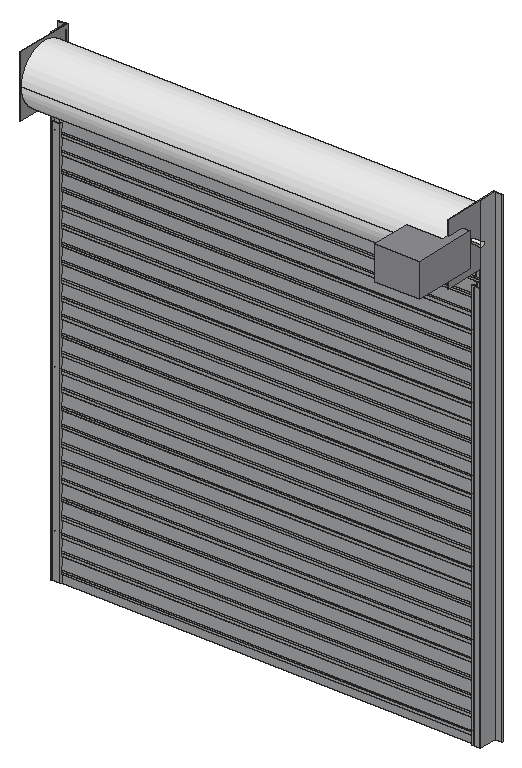
Revit family "Doors_Industrial_Overhead-Door-Corporation_Upward-Coiling-Security-Grilles-674", category Specialty Equipment, host Wall, Revit 2026
Family settings
  Host = Wall
  Round Connector Dimension = Use Diameter
  Part Type = Normal
  Classification Number = 23.30.10.21.34
  Enable Cutting in Views = No
  Always vertical = Yes
  Cut with Voids When Loaded = Yes
  Maintain Annotation Orientation = No
  Shared = No
  Room Calculation Point = No
Parameters (values of type "115 volts, one phase, 60 Hz (110-120V range)")
  Warning Sign [instance] = if(Calculated Area > 683.00 SF, 1 = 1, 1 = 2)  # no
  Warning (Note) [instance] = if(Warning Sign, "The Door Area is out of the limit; please adjust accordingly. The maximum allowed area is 683 sq. ft.", if(Opening Height > 360", "Headroom Clearance Dimensions - out of the limits. Consult Factory", " "))  # " "
  Wall Thickness [instance] = 6"
  Voltage = 115 V
  True Opening Width [instance] = if(Between Jambs Mounting, Door Width True, Clear Width)  # 120"
  True Opening Height [instance] = if(Between Jambs Mounting, Clear Height + Headroom Height, Clear Height)  # 120"
  M2 Value [instance] = if(Face Of Wall Mounting, 4 3/4", 5 1/2")  # 4 3/4"
  Jambs Offset 2 [instance] = if(Between Jambs Mounting, BJ Displacement Real 2 + G Value, 0")  # 0"
  Door Half 1 [instance] = if(Between Jambs Mounting, Clear Width / 2 + BJ Displacement Real 1 + G Value, Clear Width / 2 + M1 Value)  # 64 3/4"
  Default Elevation = 0"
  Curtain Type [instance] = "Perforated"  # constant formula
  Slat Length [instance] = Clear Width + G Value * 2 - 1" / 2 * 2  # 124"
  Slat Height [instance] = 14 73/256"  # constant formula
  Product Page URL = "https://www.overheaddoor.com/upward-coiling-security-grilles-674"
  Power Factor = 1
  Powder Coat (Note) = "PowderGuard® Premium powder coat finish options are available in approximately 200 colors as well as custom matching to specification. PowderGuard® Textured finish, a thicker, more scratch resistant coat, is available in 11 colors providing enhanced scratch resistance as well as aiding in hiding the dirt and blemishes that often occur in commercial environments.​"  # constant formula
  Operator Visibility = yes
  Operation (Note) [instance] = "Door could operate by manual push, crank, electrical operator or chain hoist. Manual push up and crank could be used up to 80 sf, for larger door sizes you have to use Chain Hoist operator."  # constant formula
  Opening Width Real [instance] = if(Opening Width > Max Opening Width, Max Opening Width, if(Opening Width < Min Opening Width, Min Opening Width, Opening Width))  # 120"
  Opening Width [instance] = 120"
  Opening Height Real [instance] = if(Opening Height > Max Opening Height, Max Opening Height, if(Opening Height < Min Opening Height, Min Opening Height, Opening Height))  # 120"
  Opening Height [instance] = 120"
  One Array element [instance] = not(Array Vis)  # no
  Number of Poles = 1
  Motor Type [instance] = if(Between Jambs Mounting, if(Motor Option < 2, "CDX", if(Motor Option = 2, "E-Egress", if(Motor Option = 3, "RSX Front of Hood", "RSX Top of Hood"))), if(Motor Option < 2, "CDX", if(Motor Option = 2, "E-Egress", if(Motor Option = 3, "RSX Front of Hood", if(Motor Option = 4, "RSX Top of Hood", if(Motor Option = 5, "RSX Wall Mount", "RSX Bench Mount"))))))  # "CDX"
  Motor Selection (Note) [instance] = "Generic operator shown. Contact Overhead Door when dimensions are critical. "  # constant formula
  Motor Position [instance] = M1 Value - G Value  # 2 1/4"
  Motor Option Real [instance] = if(Between Jambs Mounting, if(Motor Option < 1, 1, if(Motor Option > 4, 4, Motor Option)), if(Motor Option < 1, 1, if(Motor Option > 6, 6, Motor Option)))  # 1
  Motor Option [instance] = 1
  Min Opening Width [instance] = 76"  # constant formula
  Min Opening Height [instance] = 76"  # constant formula
  Max Opening Width [instance] = 364"  # constant formula
  Max Opening Height [instance] = 208"  # constant formula
  M1 Value [instance] = if(Face Of Wall Mounting, 4 3/4", if(Chain Hoist or Manual, 5 1/2", 9 1/2"))  # 4 3/4"
  Lookup BD (A) [instance] = if(or(Opening Height Real < 79", Opening Height Real = 79"), 15", if(or(Opening Height Real < 130", Opening Height Real = 130"), 17", if(or(Opening Height Real < 190", Opening Height Real = 190"), 19", if(or(Opening Height Real < 234", Opening Height Real = 234"), 21", if(or(Opening Height Real < 270", Opening Height Real = 270"), 23", 25")))))  # 17"
  Jambs Offset 1 [instance] = if(Between Jambs Mounting, BJ Displacement Real 1 + G Value, 0")  # 0"
  Installation Real [instance] = if(Between Jambs Mounting, if((Wall Thickness / 2 - Guid Depth / 2) < 0", 0", Wall Thickness / 2 - Guid Depth / 2), Wall Thickness)  # 6"
  Hood Type [instance] = if(Hood Option < 2, "No Hood", if(Hood Option = 2, "Square Hood", if(Hood Option = 3, "Octagon Hood", "Round Hood")))  # "No Hood"
  Hood Option [instance] = 1
  Hood Offset [instance] = if(Chain Hoist or Manual, 3", 5")  # 5"
  Hood Material [instance] = Metal - Overhead Door - Gray
  Hood Height [instance] = [Lookup HH (B)]  # 18"
  Lookup HH (B) [instance] = if(or(Opening Height Real < 79", Opening Height Real = 79"), 16", if(or(Opening Height Real < 130", Opening Height Real = 130"), 18", if(or(Opening Height Real < 190", Opening Height Real = 190"), 20", if(or(Opening Height Real < 234", Opening Height Real = 234"), 22", if(or(Opening Height Real < 270", Opening Height Real = 270"), 24", 26")))))  # 18"
  Headroom Height Real [instance] = [Lookup HH (B)] + Hood Offset  # 23"
  Headroom Height [instance] = if(Between Jambs Mounting, Headroom Height Real, if(Hood Option > 1, Headroom Height Real + 1 1/2", Headroom Height Real))  # 23"
  Guide Type [instance] = if(Between Jambs Mounting, "Angled Between Jambs Z Guide", "Angled Z Guide")  # "Angled Z Guide"
  Guide Option [instance] = if(Between Jambs Mounting, 1, 2)  # 2
  Guid Depth [instance] = if(Between Jambs Mounting, D Value + 1/4", D Value)  # 5 1/2"
  G Value [instance] = 2 1/2"  # constant formula
  Frequency = 60 Hz
  Face of Wall Offset [instance] = if(Between Jambs Mounting, 0", 5")  # 5"
  Face Of Wall Mounting [instance] = not(Between Jambs Mounting)  # yes
  Door Width True [instance] = if(Between Jambs Mounting, Clear Width + BJ Displacement Real 1 + BJ Displacement Real 2 + G Value * 2, Clear Width + M1 Value + M2 Value)  # 129 1/2"
  Door Width (Real) [instance] = if(Between Jambs Mounting, Clear Width, Clear Width + 1" / 2)  # 120 1/2"
  Door Height True [instance] = Clear Height + Headroom Height  # 143"
  Door Height (Real) [instance] = Clear Height + Hood Offset  # 125"
  URL = "https://www.overheaddoor.com/"
  Product data url = "https://www.bimobject.com/overhead-door/product/upward-coiling-security-grilles-674"
  Product Guid = "3a0baff3-2843-4a5d-9b17-2c4668db9905"
  Model = "674"  # constant formula
  Manufacturer = "Overhead Door Corporation"  # constant formula
  Wall Closure = By host
  Floor To (CL) of Shaft [instance] = Clear Height + Hood Height / 2 + Hood Offset  # 134"
  Finish Material = Metal - Overhead Door - Aluminum
  Description = "Model 674 Security Grille"  # constant formula
  D Value [instance] = 5 1/2"  # constant formula
  Curtain Material [instance] = Metal - Overhead Door - Aluminum
  Clear Width [instance] = if(Between Jambs Mounting, Opening Width Real - BJ Displacement Real 1 - BJ Displacement Real 2 - G Value * 2, Opening Width Real)  # 120"
  Clear Height [instance] = if(Between Jambs Mounting, Opening Height Real - Headroom Height, Opening Height Real)  # 120"
  Chain Hoist or Manual = no
  Current = 20 A
  Between Jambs Mounting [instance] = no
  Between Jambs Guides Offset 2 [instance] = M2 Value - G Value  # 2 1/4"
  Between Jambs Guides Offset 1 [instance] = M1 Value - G Value  # 2 1/4"
  Bar [instance] = if(and(Hood Option > 1, Face Of Wall Mounting), 1 = 1, 1 = 2)  # no
  Backroom Depth [instance] = [Lookup BD (A)]  # 17"
  BJ Opening Cut [instance] = if(Between Jambs Mounting, Headroom Height, 0")  # 0"
  BJ Displacement Real 2 [instance] = if(Between Jambs Mounting, Between Jambs Guides Offset 2, 0")  # 0"
  BJ Displacement Real 1 [instance] = if(Between Jambs Mounting, Between Jambs Guides Offset 1, 0")  # 0"
  Array Vis [instance] = if(Array < 2, 1 = 2, 1 = 1)  # yes
  Array Real [instance] = if(Array < 2, 2, Array)  # 9
  Array Length [instance] = (Array) * Slat Height  # 128 145/256"
  Array [instance] = rounddown(([Door Height (Real)] - 3") / Slat Height) + 1  # 9
  Calculated Area [instance] = [Door Width (Real)] * [Door Height (Real)]  # 104.601 SF
  Apparent Load Phase 3 = if(Number of Poles = 1, 0 VA, (Voltage * Current * sqrt(3)) / 3)  # 0 VA
  Apparent Load Phase 2 = if(Number of Poles = 1, 0 VA, (Voltage * Current * sqrt(3)) / 3)  # 0 VA
  Apparent Load Phase 1 = if(Number of Poles = 1, Voltage * Current, (Voltage * Current * sqrt(3)) / 3)  # 2300 VA
Reference planes (in)
  plane 1 "Center (Front/Back)": y = -14.625
  plane 2 "Center (Left/Right)": x = 0
  plane 3 "Left": x = -60
  plane 4 "Right": x = 60
  plane 5 "Exterior": y = -8.625
  plane 6 "Interior": y = -14.625
  plane 7: x = 64.75
  plane 8: x = -64.75
  plane 9: z = 120
  plane 10 "Main": y = -19.75
  plane 11 "Backroom Depth": y = -32.125
  plane 12 "Main Door Block": y = -15.125
  plane 13 "Bottom Bar": z = 2.75
  plane 14: y = -20.125
  plane 15: z = 131.31641
  plane 16: z = 143
  plane 17: z = 125
  plane 18: z = 144.5
  plane 19: z = 0
  plane 20: z = 60
  plane 21: y = -19.625
  plane 22: y = 18.375
  plane 23: y = -41.625
  plane 24 "Headroom Top": z = 143
  plane 25: z = 134
  plane 26: x = 62.5
  plane 27: x = -62.5
  plane 28: z = 117.03125
Forms (in)
  Extrusion 1, void
    sketch origin (0, -15.125, 0) x (0, 0, -1) y (-1, 0, 0)
      loop
        line (-120, 60) -> (-120, -60) -> (0, -60) -> (0, 60) -> (-120, 60)
    from 0.5 to 6.5
  Extrusion 2, solid, material "Metal - Overhead Door - Gray" <- "Hood Material", visible <- "Bar"
    sketch origin (0, 0, 0) x (0, 1, 0) y (0, 0, 1)
      loop
        line (-14.875, 143) -> (-14.625, 143) -> (-14.625, 144.5) -> (-14.875, 144.5) -> (-14.875, 143)
    from -62.25 to 62.25
Lines and regions (in)
  symbolic lines, visible <- "Bar"
    curve 1: line (62.25, -14.625, 0) -> (-62.25, -14.625, 0)
    curve 2: line (-62.25, -14.875, 0) -> (62.25, -14.875, 0)
Text (in)
  text "Exterior" at (-74.96733, 27.31104, 0), in view "Ref. Level"
  text "Interior" at (-74.96733, -25.14366, 0), in view "Ref. Level"
  text "Exterior" at (0, 40.15149, 123.01588), in view "Right"
  text "Interior" at (0, -64.39139, 123.01588), in view "Right"
  text "Interior" at (0, -31.01599, 123.00693), in view "Left"
  text "Exterior" at (0, 54.57065, 123.00693), in view "Left"
Dimensions and locks (in)
  equal spacing: plane 3 "Left", plane 2 "Center (Left/Right)", plane 4 "Right"
  "Clear Width": plane 3 "Left" to plane 4 "Right"
  level to host wall = 459.59655"
  "Clear Height": level to plane 9
  plane 7 to plane 8 = 129 1/2"
  locked: plane 13 "Bottom Bar" to level at 2.75
  "Door Width True": plane 7 to plane 8
  locked: plane 14 to plane 10 "Main" at 0.375
  "Array Length": plane 15 to plane 13 "Bottom Bar"
  "Backroom Depth": plane 11 "Backroom Depth" to plane 12 "Main Door Block"
  "Hood Height": plane 16 to plane 17
  locked: plane 18 to plane 16 at 1.5
  locked: Extrusion 2 sketch curve to Extrusion 2 sketch curve at 0.25
  "Installation Real": plane 1 "Center (Front/Back)" to plane 5 "Exterior"
  "Wall Thickness": host wall to host wall
  equal spacing: plane 9, plane 20, plane 19
  equal spacing: plane 22, host wall, plane 23
  locked: plane 22 to plane 23 at 60
  "BJ Opening Cut": Extrusion 1 sketch curve to plane 9
  locked: Extrusion 2 sketch curve to Extrusion 2 sketch curve at 1.5
  "Hood Offset": plane 17 to plane 9
  "Headroom Height": plane 24 "Headroom Top" to plane 9
  "Floor To (CL) of Shaft": plane 25 to level
  "Jambs Offset 1": plane 4 "Right" to Extrusion 1 sketch curve
  "Jambs Offset 2": Extrusion 1 sketch curve to plane 3 "Left"
  "Between Jambs Guides Offset 1": plane 7 to plane 26
  "Between Jambs Guides Offset 2": plane 27 to plane 8
  locked: plane 27 to Extrusion 2 at 0.25
  locked: Extrusion 2 to plane 26 at 0.25
  "Guid Depth": plane 14 to plane 1 "Center (Front/Back)"
  "Slat Height": plane 15 to plane 28
  equal spacing: group 1, group 3, group 4, group 5, group 6, group 7, group 8, group 9, group 2  (x3)
  locked: plane 14 to plane 21 at 0.5
  "Door Half 1": plane 7 to plane 2 "Center (Left/Right)"
  aligned and locked: plane 5 "Exterior" to host wall
  aligned and locked: host wall to plane 6 "Interior"
  aligned and locked: level to Extrusion 1 sketch curve
  aligned and locked: Extrusion 1 to plane 5 "Exterior"
  aligned and locked: plane 6 "Interior" to Extrusion 1
  aligned and locked: nested 1 to plane 2 "Center (Left/Right)"
  aligned and locked: plane 16 to nested 2
  aligned and locked: nested 1 to level
  aligned and locked: Extrusion 2 sketch curve to plane 18
  aligned and locked: Extrusion 2 sketch curve to plane 6 "Interior"
  aligned and locked: curve 1 to Extrusion 2  (x2)
  aligned and locked: curve 2 to Extrusion 2  (x2)
  aligned and locked: Extrusion 2 to curve 2
  aligned and locked: plane 5 "Exterior" to nested 2
  aligned and locked: level to plane 19
  aligned and locked: nested 1 to plane 1 "Center (Front/Back)"
  aligned and locked: plane 2 "Center (Left/Right)" to nested 3
  aligned and locked: nested 3 to plane 22
  aligned and locked: plane 23 to nested 4
  aligned and locked: nested 4 to plane 2 "Center (Left/Right)"
  aligned and locked: nested 5 to plane 20
  aligned and locked: plane 2 "Center (Left/Right)" to nested 5
  aligned and locked: nested 2 to plane 26
  aligned and locked: plane 13 "Bottom Bar" to nested 6
  aligned and locked: plane 28 to nested 7
  aligned and locked: nested 5 to plane 21
  aligned and locked: nested 6 to plane 10 "Main"
  aligned and locked: nested 7 to plane 10 "Main"
Automatic sketch dimensions
  curve 1 to curve 2 = 0"
Nested families (in)
  nested 1: "Lifts" at (0, -14.625, 0), type "Frame Unit"
    with Square Hood no, Round Hood no, Octagon Hood no
  nested 2: "Motor" at (62.0605, -31.625, 125), visible <- "Operator Visibility", type "Trolley Motor"
    with Not Chain Hoist no, Not Bench + Top yes, Horizontal Mount 0", Vertical Mount 18", Motor Option 1, Hood Mount 6.81", Face+Top no, Face Mount RSX no, Face + Top + Bench no, E-Egress no, Chain V Offset 9", Chain H Offset 0", CH Real no, CDX yes
  nested 3: "Label Annotation 1" at (0, 18.375, 0), visible <- "Warning Sign", type "Label Annotation 1"
  nested 4: "Label Annotation 1" at (0, -41.625, 0) x (-1, 0, 0) z (0, 0, 1), visible <- "Warning Sign", type "Label Annotation 1"
  nested 5: "Warning Sign" at (0, -19.625, 60), visible <- "Warning Sign", type "Warning Sign"
    with Warning Sign no
  nested 6: "626" at (0, -19.75, 2.75), visible <- "Array Vis", Opening Width <- "Slat Length", type "Standard - Gray"
    with Void Offset 3/8", Void Height 3.544", Slat Width 0.438", Slat Position + Offset 16.658", Slat Position 14.286", Slat Option 1, Opening Width 124", Cutout Width Offset 1", Cutout Vertical Offset 2.372", Cutout Thickness 3/4", Cutout Horizontal Offset 1"
  nested 7: "626" at (0, -19.75, 117.03125), visible <- "Array Vis", Opening Width <- "Slat Length", type "Standard - Gray"
    with Void Offset 3/8", Void Height 3.544", Slat Width 0.438", Slat Position + Offset 16.658", Slat Position 14.286", Slat Option 1, Opening Width 124", Cutout Width Offset 1", Cutout Vertical Offset 2.372", Cutout Thickness 3/4", Cutout Horizontal Offset 1"
  nested 8: "626" at (0, -19.75, 17.03516), visible <- "Array Vis", Opening Width <- "Slat Length", type "Standard - Gray"
    with Void Offset 3/8", Void Height 3.544", Slat Width 0.438", Slat Position + Offset 16.658", Slat Position 14.286", Slat Option 1, Opening Width 124", Cutout Width Offset 1", Cutout Vertical Offset 2.372", Cutout Thickness 3/4", Cutout Horizontal Offset 1"
  nested 9: "626" at (0, -19.75, 31.32031), visible <- "Array Vis", Opening Width <- "Slat Length", type "Standard - Gray"
    with Void Offset 3/8", Void Height 3.544", Slat Width 0.438", Slat Position + Offset 16.658", Slat Position 14.286", Slat Option 1, Opening Width 124", Cutout Width Offset 1", Cutout Vertical Offset 2.372", Cutout Thickness 3/4", Cutout Horizontal Offset 1"
  nested 10: "626" at (0, -19.75, 45.60547), visible <- "Array Vis", Opening Width <- "Slat Length", type "Standard - Gray"
    with Void Offset 3/8", Void Height 3.544", Slat Width 0.438", Slat Position + Offset 16.658", Slat Position 14.286", Slat Option 1, Opening Width 124", Cutout Width Offset 1", Cutout Vertical Offset 2.372", Cutout Thickness 3/4", Cutout Horizontal Offset 1"
  nested 11: "626" at (0, -19.75, 59.89063), visible <- "Array Vis", Opening Width <- "Slat Length", type "Standard - Gray"
    with Void Offset 3/8", Void Height 3.544", Slat Width 0.438", Slat Position + Offset 16.658", Slat Position 14.286", Slat Option 1, Opening Width 124", Cutout Width Offset 1", Cutout Vertical Offset 2.372", Cutout Thickness 3/4", Cutout Horizontal Offset 1"
  nested 12: "626" at (0, -19.75, 74.17578), visible <- "Array Vis", Opening Width <- "Slat Length", type "Standard - Gray"
    with Void Offset 3/8", Void Height 3.544", Slat Width 0.438", Slat Position + Offset 16.658", Slat Position 14.286", Slat Option 1, Opening Width 124", Cutout Width Offset 1", Cutout Vertical Offset 2.372", Cutout Thickness 3/4", Cutout Horizontal Offset 1"
  nested 13: "626" at (0, -19.75, 88.46094), visible <- "Array Vis", Opening Width <- "Slat Length", type "Standard - Gray"
    with Void Offset 3/8", Void Height 3.544", Slat Width 0.438", Slat Position + Offset 16.658", Slat Position 14.286", Slat Option 1, Opening Width 124", Cutout Width Offset 1", Cutout Vertical Offset 2.372", Cutout Thickness 3/4", Cutout Horizontal Offset 1"
  nested 14: "626" at (0, -19.75, 102.74609), visible <- "Array Vis", Opening Width <- "Slat Length", type "Standard - Gray"
    with Void Offset 3/8", Void Height 3.544", Slat Width 0.438", Slat Position + Offset 16.658", Slat Position 14.286", Slat Option 1, Opening Width 124", Cutout Width Offset 1", Cutout Vertical Offset 2.372", Cutout Thickness 3/4", Cutout Horizontal Offset 1"
Connectors (in)
  electrical at (65.0485, -30.23077, 135.5698), driven by "Apparent Load Phase 1", driven by "Power Factor", driven by "Voltage", driven by "Apparent Load Phase 2", driven by "Apparent Load Phase 3", driven by "Number of Poles"
    settings: on nested 2, index 1, voltage 115 V, apparent load 0 VA, apparent load phase1 2300 VA, apparent load phase2 0 VA, apparent load phase3 0 VA, power factor 1, load classification "Other", number of poles 1, system type 31, power factor state 1, is connector primary yes, connector utility no, sub classification motor no, connector description "Electrical Connector"
Definition of nested family "Lifts"
  Parameters (values of type "Frame Unit")
    True Width = if(Between Jambs, Opening Width, Opening Width + 1/2")  # 120 1/2"
    Square Hood [instance] = if(Hood Option = 2, 1 = 1, 1 = 2)  # no
    Slat Option = 1
    Round Hood [instance] = if(Hood Option > 3, 1 = 1, 1 = 2)  # no
    Rough Width = 0"
    Rough Height = 0"
    Octagon Hood [instance] = if(Hood Option = 3, 1 = 1, 1 = 2)  # no
    No Hood = if(Hood Option < 2, 1 = 1, 1 = 2)  # yes
    M2 Value = 4 3/4"
    M1 Value = 4 3/4"
    Hood Type = if(Hood Option < 2, "No Hood", if(Hood Option = 2, "Square Hood", if(Hood Option = 3, "Octagon Hood", "Round Hood")))  # "No Hood"
    Hood Option = 1
    Hood Offset = 5"
    Hood Height = Headroom Height Real - Hood Offset  # 18"
    Headroom Height Real = Headroom Height  # 23"
    Half Octagon Side = (Radius Hood * 2 * tan(180.00° / 8)) / 2  # 3.52082"
    Half Hood Height = Headroom Height - Hood Offset  # 18"
    Guide Z2 Wide = if(Between Jambs, Guide Offset 2 - G Value + BJ Connection Length 2 - BJ2 Displacement * 2 / 3, M2 Value - G Value)  # 2 1/4"
    Guide Z1 Wide = if(Between Jambs, Guide Offset 1 - G Value + BJ Connection Length 1 - BJ1 Displacement * 2 / 3, M1 Value - G Value)  # 2 1/4"
    Guide Offset 2 = BJ2 Displacement + G Value  # 2 1/2"
    Guide Offset 1 = BJ1 Displacement + G Value  # 2 1/2"
    G Value = 2 1/2"
    E2 Guide Width = if(Between Jambs, Guide Offset 2 - G Value + BJ Connection Length 2 - BJ2 Displacement * 2 / 3, 3")  # 3"
    E1 Guide Width = if(Between Jambs, Guide Offset 1 - G Value + BJ Connection Length 1 - BJ1 Displacement * 2 / 3, 3")  # 3"
    E Guide Height = D Value - 1/2"  # 5"
    Z Guide = 1 = 1  # yes
    Slat Material = none
    Shaft Offset = if(Hood Option > 3, (Header Width - (Header Width - Hood Height)) / 2, if(Hood Height < Header Width, (Header Width - (Header Width - Hood Height)) / 2, Header Width / 2))  # 8 1/2"
    Shaft Material = none
    Shaft Length 1 = if(Between Jambs, G Value + BJ1 Displacement, G Value + 3")  # 5 1/2"
    Shaft Length 2 = if(Between Jambs, G Value + BJ2 Displacement, G Value + 3")  # 5 1/2"
    Setback = 0"  # constant formula
    Radius Hood = Shaft Offset  # 8 1/2"
    Opening Width = 120"
    Hood Material = none
    Headroom Height = 23"
    Header Width = 17"
    Opening Height = 120"
    Guide Type = if(Between Jambs, "Angled Between Jambs Z Guide", if(Guide Option > 1, "Angled Z Guide", "Angled E Guide"))  # "Angled Z Guide"
    Guide Option = if(Between Jambs, 1, 2)  # 2
    Guide Z Height = D Value  # 5 1/2"
    Floor To (CL) of Shaft = 134"
    Finish Material = none
    Face to Wall Mount = not(Between Jambs)  # yes
    E Guide = if(Between Jambs, 1 = 1, 1 = 2)  # no
    Default Elevation = 0"
    D Value = 5 1/2"
    Custom Hood = not(No Hood)  # no
    Between Jambs = no
    BJ2 Displacement = 0"
    BJ1 Displacement = 0"
    BJ Position = if(Between Jambs, 1/4", 0")  # 0"
    BJ Connection Length 2 = 1 / 3 * BJ2 Displacement  # 0"
    BJ Connection Length 1 = 1 / 3 * BJ1 Displacement  # 0"
    Angled Guide = 1 = 1  # yes
  Reference planes (in)
    plane 1 "Center (Front/Back)": y = 0
    plane 2: z = 0
    plane 3 "Center (Left/Right)": x = 0
    plane 4 "Opening Height": z = 120
    plane 5: x = -65.5
    plane 6: x = 65.5
    plane 7: z = 143
    plane 8: y = 17
    plane 9 "Real Opening 2": x = -60
    plane 10 "Real Opening 1": x = 60
    plane 11: z = 125
    plane 12 "Main": y = 0
    plane 13: z = 134
    plane 14: y = 8.5
    plane 15: x = 62.5
    plane 16: x = -62.5
    plane 17: x = -62.5
    plane 18: x = 62.5
    plane 19: y = 5.5
    plane 20: x = -62.25
    plane 21: x = 62.25
    plane 22: y = 8.5
    plane 23: z = 144.5
    plane 24: y = 5.5
    plane 25: y = 4.75
    plane 26: y = 5.5
    plane 27: y = 4.75
    plane 28: y = 8.5
  Forms (in)
    Extrusion 1, solid, material <- "Slat Material"
      sketch origin (0, 0, 0) x (0, 1, 0) y (0, 0, 1)
        loop
          line (5, 2.375) -> (5, 2.75) -> (4.5, 2.75) -> (4.5, 2.375) -> (5, 2.375)
      from -62.25 to 62.25
    Extrusion 2, solid, material <- "Slat Material"
      sketch origin (0, 0, 0) x (0, 1, 0) y (0, 0, 1)
        loop
          line (5, 2.375) -> (4.5, 2.375) -> (4.5, 0) -> (5, 0) -> (5, 2.375)
      from -62.25 to 62.25
    Extrusion 3, solid, material <- "Shaft Material"
      sketch origin (0, -5.35201, 0) x (0, 1, 0) y (0, 0, 1)
        loop
          circle (13.85201, 134) r 0.6
      from -65.5 to 65.5
    Extrusion 4, solid, material <- "Hood Material", visible <- "Square Hood"
      sketch origin (0, 0, 0) x (0, 1, 0) y (0, 0, 1)
        loop
          line (0, 125) -> (17, 125) -> (17, 143) -> (0, 143) -> (0, 125)
      from -62.25 to 62.25
    Extrusion 5, solid, material <- "Hood Material", visible <- "Round Hood"
      sketch origin (0, 0, 0) x (0, 1, 0) y (0, 0, 1)
        loop
          line (0, 143) -> (0, 125) -> (8.5, 125)
          arc (8.5, 125) -> (17.5, 134) -> (8.5, 143) r 9
          line (8.5, 143) -> (0, 143)
      from -62.25 to 62.25
    Extrusion 6, solid, material <- "Finish Material", visible <- "E Guide"
      sketch origin (0, 0, 0) x (1, 0, 0) y (0, 1, 0)
        loop
          line (59.5, 0) -> (62.312, 0)
          arc (62.312, 0) -> (62.44494, 0.05506) -> (62.5, 0.188) r 0.188
          line (62.5, 0.188) -> (62.5, 5) -> (62.25, 5) -> (62.25, 0.25) -> (59.5, 0.25) -> (59.5, 0)
        loop
          line (-59.5, 0) -> (-59.5, 0.25) -> (-62.25, 0.25) -> (-62.25, 5) -> (-62.5, 5) -> (-62.5, 0.188)
          arc (-62.5, 0.188) -> (-62.44494, 0.05506) -> (-62.312, 0) r 0.188
          line (-62.312, 0) -> (-59.5, 0)
      from 0 to 143
    Extrusion 7, solid, material <- "Finish Material", visible <- "Z Guide"
      sketch origin (0, 0, 0) x (1, 0, 0) y (0, 1, 0)
        loop
          line (64.75, 0) -> (64.75, 0.25) -> (62.75, 0.25) -> (62.75, 5.5) -> (62.5, 5.5) -> (62.5, 0.188)
          arc (62.5, 0.188) -> (62.55506, 0.05506) -> (62.688, 0) r 0.188
          line (62.688, 0) -> (64.75, 0)
        loop
          line (-64.75, 0) -> (-62.688, 0)
          arc (-62.688, 0) -> (-62.55506, 0.05506) -> (-62.5, 0.188) r 0.188
          line (-62.5, 0.188) -> (-62.5, 5.5) -> (-62.75, 5.5) -> (-62.75, 0.25) -> (-64.75, 0.25) -> (-64.75, 0)
      from 0 to 143
    Extrusion 8, solid, material <- "Finish Material", visible <- "Angled Guide"
      sketch origin (0, 0, 0) x (1, 0, 0) y (0, 1, 0)
        loop
          line (60, 5.5) -> (60, 5) -> (60.5625, 5) -> (60.5625, 5.3125) -> (62.3125, 5.3125) -> (62.3125, 4.1875) -> (60.5625, 4.1875) -> (60.5625, 4.5) -> (60, 4.5) -> (60, 4) -> (62.5, 4) -> (62.5, 5.5) -> (60, 5.5)
        loop
          line (-60, 5.5) -> (-62.5, 5.5) -> (-62.5, 4) -> (-60, 4) -> (-60, 4.5) -> (-60.5625, 4.5) -> (-60.5625, 4.1875) -> (-62.3125, 4.1875) -> (-62.3125, 5.3125) -> (-60.5625, 5.3125) -> (-60.5625, 5) -> (-60, 5) -> (-60, 5.5)
      from 0 to 120
    Extrusion 9, solid, material <- "Hood Material"
      sketch origin (0, 0, 0) x (-1, 0, 0) y (0, 0, 1)
        loop
          line (62.25, 125) -> (62.5, 125) -> (62.5, 143) -> (62.25, 143) -> (62.25, 125)
        loop
          line (-62.5, 125) -> (-62.25, 125) -> (-62.25, 143) -> (-62.5, 143) -> (-62.5, 125)
      from 0 to 17
    Extrusion 10, solid, material <- "Shaft Material", visible <- "No Hood"
      sketch origin (0, 0, 0) x (0, 1, 0) y (0, 0, 1)
        loop
          circle (8.5, 134) r 8.5
      from -62.25 to 62.25
    Extrusion 11, solid, material <- "Hood Material", visible <- "Octagon Hood"
      sketch origin (0, 0, 0) x (0, 1, 0) y (0, 0, 1)
        loop
          line (0, 143) -> (0, 125) -> (12.02082, 125) -> (17, 130.47918) -> (17, 137.52082) -> (12.02082, 143) -> (0, 143)
      from -62.25 to 62.25
  Lines and regions (in)
    Masking region 1
      outline origin (0, 0, 0) x (1, 0, 0) y (0, 1, 0)
        loop
          line (65.5, 9.1) -> (62.5, 9.1) -> (62.5, 7.9) -> (65.5, 7.9) -> (65.5, 9.1)
        loop
          line (-65.5, 7.9) -> (-62.5, 7.9) -> (-62.5, 9.1) -> (-65.5, 9.1) -> (-65.5, 7.9)
    Masking region 2, visible <- "Z Guide"
      outline origin (0, 0, 0) x (1, 0, 0) y (0, 1, 0)
        loop
          line (-62.5, 0.188) -> (-62.5, 5.5) -> (-62.75, 5.5) -> (-62.75, 0.25) -> (-64.75, 0.25) -> (-64.75, 0) -> (-62.688, 0)
          arc (-62.688, 0) -> (-62.55506, 0.05506) -> (-62.5, 0.188) r 0.188
        loop
          line (62.5, 5.5) -> (62.5, 0.188)
          arc (62.5, 0.188) -> (62.55506, 0.05506) -> (62.688, 0) r 0.188
          line (62.688, 0) -> (64.75, 0) -> (64.75, 0.25) -> (62.75, 0.25) -> (62.75, 5.5) -> (62.5, 5.5)
    Masking region 3, visible <- "E Guide"
      outline origin (0, 0, 0) x (1, 0, 0) y (0, 1, 0)
        loop
          line (62.5, 0.188) -> (62.5, 5) -> (62.25, 5) -> (62.25, 0.25) -> (59.5, 0.25) -> (59.5, 0) -> (62.312, 0)
          arc (62.312, 0) -> (62.44494, 0.05506) -> (62.5, 0.188) r 0.188
        loop
          line (-62.25, 0.25) -> (-62.25, 5) -> (-62.5, 5) -> (-62.5, 0.188)
          arc (-62.5, 0.188) -> (-62.44494, 0.05506) -> (-62.312, 0) r 0.188
          line (-62.312, 0) -> (-59.5, 0) -> (-59.5, 0.25) -> (-62.25, 0.25)
    Masking region 4, visible <- "No Hood"
      outline origin (0, 0, 0) x (1, 0, 0) y (0, 1, 0)
        loop
          line (-62.25, 17) -> (-62.25, 0) -> (62.25, 0) -> (62.25, 17) -> (-62.25, 17)
    Masking region 5, visible <- "Custom Hood"
      outline origin (0, 0, 0) x (1, 0, 0) y (0, 1, 0)
        loop
          line (-62.25, 17) -> (-62.25, 0) -> (62.25, 0) -> (62.25, 17) -> (-62.25, 17)
    Masking region 6
      outline origin (0, 0, 0) x (1, 0, 0) y (0, 1, 0)
        loop
          line (-62.5, 17) -> (-62.5, 0) -> (-62.25, 0) -> (-62.25, 17) -> (-62.5, 17)
        loop
          line (62.25, 17) -> (62.25, 0) -> (62.5, 0) -> (62.5, 17) -> (62.25, 17)
    symbolic lines
      curve 1: line (-62.25, 0, 0) -> (-62.25, 17, 0)
      curve 2: line (62.25, 17, 0) -> (62.25, 0, 0)
    symbolic lines, visible <- "Octagon Hood"
      curve 3: line (-62.25, 12.02082, 0) -> (62.25, 12.02082, 0)
  Dimensions and locks (in)
    Extrusion 1 sketch curve to level = 2 3/8"
    locked: Extrusion 1 sketch curve to Extrusion 1 sketch curve at 0.5
    locked: Extrusion 2 sketch curve to level at 2.375
    "Headroom Height Real": plane 7 to plane 4 "Opening Height"
    plane 8 to plane 1 "Center (Front/Back)" = 17"
    "Radius Hood": Extrusion 5 sketch curve to plane 8
    "Opening Height": plane 4 "Opening Height" to level
    "Hood Offset": plane 11 to plane 4 "Opening Height"
    "BJ Position": plane 12 "Main" to plane 1 "Center (Front/Back)"
    "Header Width": plane 12 "Main" to plane 8
    "Floor To (CL) of Shaft": plane 13 to level
    "Shaft Offset": Extrusion 3 sketch curve to plane 8
    locked: Extrusion 2 sketch curve to Extrusion 2 sketch curve at 0.5
    "Shaft Offset": plane 8 to plane 14
    locked: Masking region 1 sketch curve to Masking region 1 sketch curve at 1.2
    locked: Masking region 1 sketch curve to plane 14 at 0.6
    "Guide Offset 1": plane 10 "Real Opening 1" to plane 15
    "Guide Offset 2": plane 16 to plane 9 "Real Opening 2"
    locked: Extrusion 6 sketch curve to Extrusion 6 sketch curve at 0.25  (x4)
    "E Guide Height": Extrusion 6 sketch curve to Extrusion 6 sketch curve  (x2)
    "E1 Guide Width": Extrusion 6 sketch curve to Extrusion 6 sketch curve
    "E2 Guide Width": Extrusion 6 sketch curve to Extrusion 6 sketch curve
    locked: Extrusion 7 sketch curve to Extrusion 7 sketch curve at 0.25  (x4)
    "Guide Z1 Wide": Extrusion 7 sketch curve to Extrusion 7 sketch curve
    "Guide Z Height": Extrusion 7 sketch curve to Extrusion 7 sketch curve  (x2)
    "Guide Z2 Wide": Extrusion 7 sketch curve to Extrusion 7 sketch curve
    "G Value": Extrusion 7 sketch curve to plane 9 "Real Opening 2"
    "G Value": plane 10 "Real Opening 1" to Extrusion 7 sketch curve
    "G Value": plane 10 "Real Opening 1" to plane 18
    "G Value": plane 17 to plane 9 "Real Opening 2"
    "Shaft Length 2": plane 5 to plane 9 "Real Opening 2"
    "Shaft Length 1": plane 6 to plane 10 "Real Opening 1"
    locked: Extrusion 2 to plane 18 at 0.25
    locked: Extrusion 2 to plane 17 at 0.25
    locked: plane 17 to plane 20 at 0.25
    locked: plane 21 to plane 18 at 0.25
    "Shaft Offset": Extrusion 10 sketch curve to plane 8
    plane 13 to plane 11 = 9"
    plane 7 to plane 13 = 9"
    "Shaft Offset": plane 22 to plane 8
    "Half Octagon Side": Extrusion 11 sketch curve to plane 13
    "Half Octagon Side": plane 13 to Extrusion 11 sketch curve
    "Half Octagon Side": plane 22 to Extrusion 11 sketch curve  (x2)
    equal spacing: plane 9 "Real Opening 2", plane 3 "Center (Left/Right)", plane 10 "Real Opening 1"
    "Opening Width": plane 9 "Real Opening 2" to plane 10 "Real Opening 1"
    locked: plane 23 to plane 7 at 1.5
    "D Value": plane 1 "Center (Front/Back)" to plane 19
    "D Value": plane 24 to plane 1 "Center (Front/Back)"
    locked: plane 24 to plane 25 at 0.75
    equal spacing: Extrusion 1 sketch curve, plane 25, Extrusion 1 sketch curve
    "D Value": plane 26 to plane 1 "Center (Front/Back)"
    locked: plane 26 to plane 27 at 0.75
    equal spacing: Extrusion 2 sketch curve, plane 27, Extrusion 2 sketch curve
    locked: Extrusion 8 sketch curve to Extrusion 8 sketch curve at 0.5  (x4)
    locked: Extrusion 8 sketch curve to Extrusion 8 sketch curve at 1.5  (x2)
    locked: Extrusion 8 sketch curve to Extrusion 8 sketch curve at 0.5625  (x2)
    locked: Extrusion 8 sketch curve to Extrusion 8 sketch curve at 0.1875  (x6)
    "Setback": Extrusion 8 sketch curve to plane 9 "Real Opening 2"
    "G Value": Extrusion 8 sketch curve to Extrusion 8 sketch curve  (x2)
    "Setback": plane 10 "Real Opening 1" to Extrusion 8 sketch curve
    "Shaft Offset": plane 8 to plane 28
    "Radius Hood": plane 28 to Masking region 4 sketch curve
    "Radius Hood": radius of Extrusion 10 sketch curve
    locked: Extrusion 7 sketch curve to Extrusion 7 sketch curve (radius 0.188")  (x2)
    locked: Extrusion 6 sketch curve to Extrusion 6 sketch curve (radius 0.188")  (x2)
    aligned and locked: plane 2 to level
    aligned and locked: plane 5 to Extrusion 3
    aligned and locked: Extrusion 3 to plane 6
    aligned and locked: Extrusion 4 sketch curve to plane 7
    aligned and locked: Extrusion 4 sketch curve to plane 8
    aligned and locked: Extrusion 5 sketch curve to plane 7
    aligned and locked: plane 13 to Extrusion 3 sketch curve
    aligned and locked: plane 5 to Masking region 1 sketch curve
    aligned and locked: plane 6 to Masking region 1 sketch curve
    aligned and locked: Masking region 1 sketch curve to Masking region 1 sketch curve  (x2)
    aligned and locked: plane 12 "Main" to Extrusion 6 sketch curve  (x2)
    aligned and locked: Extrusion 6 sketch curve to plane 15
    aligned and locked: plane 16 to Extrusion 6 sketch curve
    aligned and locked: Extrusion 7 sketch curve to plane 1 "Center (Front/Back)"  (x2)
    aligned and locked: plane 4 "Opening Height" to Extrusion 8
    aligned and locked: Extrusion 5 sketch curve to plane 12 "Main"
    aligned and locked: plane 12 "Main" to Extrusion 4 sketch curve
    aligned and locked: Extrusion 9 sketch curve to plane 11  (x2)
    aligned and locked: Extrusion 9 sketch curve to plane 7  (x2)
    aligned and locked: plane 17 to Extrusion 9 sketch curve
    aligned and locked: Extrusion 9 sketch curve to plane 18
    aligned and locked: Extrusion 2 to Extrusion 1
    aligned and locked: Extrusion 1 to Extrusion 2
    aligned and locked: Extrusion 9 to curve 1
    aligned and locked: Extrusion 9 to curve 2
    aligned and locked: plane 18 to Masking region 1 sketch curve
    aligned and locked: Masking region 1 sketch curve to plane 17
    aligned and locked: plane 20 to Extrusion 9 sketch curve
    aligned and locked: plane 21 to Extrusion 9 sketch curve
    aligned and locked: plane 20 to Extrusion 4
    aligned and locked: plane 20 to Extrusion 5
    aligned and locked: Extrusion 4 to plane 21
    aligned and locked: Extrusion 5 to plane 21
    aligned and locked: plane 13 to Extrusion 10 sketch curve
    aligned and locked: Extrusion 11 sketch curve to plane 12 "Main"
    aligned and locked: Extrusion 11 sketch curve to plane 7
    aligned and locked: Extrusion 11 sketch curve to plane 11
    aligned and locked: Extrusion 11 sketch curve to plane 8
    aligned and locked: Extrusion 11 to plane 20
    aligned and locked: Extrusion 11 to plane 21
    aligned and locked: plane 20 to Extrusion 10
    aligned and locked: Extrusion 10 to plane 21
    aligned and locked: plane 8 to Extrusion 9
    aligned and locked: Extrusion 11 to curve 3
    aligned and locked: plane 20 to curve 3
    aligned and locked: plane 21 to curve 3
    aligned and locked: plane 7 to Extrusion 7
    aligned and locked: plane 7 to Extrusion 6
    aligned and locked: Extrusion 4 sketch curve to plane 11
    aligned and locked: Extrusion 5 sketch curve to plane 11
    aligned and locked: Extrusion 8 sketch curve to Extrusion 8 sketch curve  (x4)
    aligned and locked: Extrusion 8 sketch curve to plane 19
    aligned and locked: plane 19 to Extrusion 8 sketch curve
    aligned and locked: Masking region 2 sketch curve to Extrusion 7  (x12)
    aligned and locked: Masking region 3 sketch curve to Extrusion 6  (x12)
    aligned and locked: Masking region 4 sketch curve to Extrusion 10  (x2)
    aligned and locked: plane 8 to Masking region 4 sketch curve
    aligned and locked: Masking region 5 sketch curve to Extrusion 4  (x4)
    aligned and locked: Masking region 6 sketch curve to Extrusion 9  (x8)
  Automatic sketch dimensions
    plane 1 "Center (Front/Back)" to curve 2 = 0"
    curve 1 to plane 1 "Center (Front/Back)" = 0"
    curve 2 to plane 8 = 0"
    curve 1 to plane 8 = 0"
    Extrusion 1 sketch curve to Extrusion 1 sketch curve = 3/8"
    Extrusion 2 sketch curve to level = 0"
    radius of Extrusion 3 sketch curve = 0.6"
Definition of nested family "Motor"
  Parameters (values of type "Trolley Motor")
    Wall Mount RSX = if(Chain Hoist, 1 = 2, if(Motor Option = 5, 1 = 1, 1 = 2))  # no
    Top Mount RSX = if(Chain Hoist, 1 = 2, if(Motor Option = 4, 1 = 1, 1 = 2))  # no
    Shaft Material = none
    Real Exterior Wall Offset = if(Wall Mount RSX, Displacement, Exterior Wall Offset)  # 6"
    Not Chain Hoist = not(or(CDX, Chain Hoist))  # yes
    Not Bench + Top = not(or([E-Egress], Top Mount RSX, Chain Hoist, Bench Mount RSX))  # no
    Horizontal Mount = if(or([E-Egress], Face Mount RSX), 5.08" + 0.12" + 2.38", if(Top Mount RSX, 11.19", if(Wall Mount RSX, 5.08", if(Bench Mount RSX, 4.77" + if(or(Hood Width < 14", Hood Width = 14"), 6.13", if(or(Hood Width < 16", Hood Width = 16"), 4.13", 3 1/4")), 0"))))  # 7.58"
    Not Fire King = if(Chain Hoist, 1 = 2, not(Chain Hoist))  # yes
    Vertical Mount = if(or([E-Egress], Face Mount RSX), 11.07" + Hood Height / 2, if(Top Mount RSX, 14.92" - 0.13" - 2.38", if(Wall Mount RSX, 20.03" + 6" + Hood Height / 2, if(Bench Mount RSX, 20" + 2.29" + Hood Height / 2, Hood Height))))  # 20.07"
    Motor Type = if(BJ, if(Motor Option < 2, "CDX", if(Motor Option = 2, "E-Egress", if(Motor Option = 3, "RSX Front of Hood", "RSX Top of Hood"))), if(Motor Option < 2, "CDX", if(Motor Option = 2, "E-Egress", if(Motor Option = 3, "RSX Front of Hood", if(Motor Option = 4, "RSX Top of Hood", if(Motor Option = 5, "RSX Wall Mount", "RSX Bench Mount"))))))  # "E-Egress"
    Motor Option = 2
    Main Material = none
    Hood Width Real = if(Wall Mount RSX, 0", if(Chain Hoist, if(Hood Height < Hood Width, (Hood Width + (Hood Width - Hood Height)) / 2, Hood Width / 2), Hood Width))  # 17"
    Hood Width = 17"
    Hood Material = none
    Hood Height = 18"
    Hood Mount = if(or([E-Egress], Face Mount RSX, Top Mount RSX), 0.37", if(Wall Mount RSX, if(BJ, 12.24" + BJ Displacement, 14.74"), if(Bench Mount RSX, 14.49", if(CDX, 6.81", 4.26"))))  # 0.37"
    Floor To Cl Shaft = 134"
    Fire King RHX = 1 = 2  # no
    Top Option Offset = if(or(Top Mount RSX, Bench Mount RSX), 20", 0")  # 0"
    Face+Top = if(Chain Hoist, 1 = 2, if(or(Face Mount RSX, Top Mount RSX), 1 = 1, 1 = 2))  # yes
    Face Mount RSX = if(Chain Hoist, 1 = 2, if(or(Motor Option = 2, Motor Option = 3), 1 = 1, 1 = 2))  # yes
    Top + Bench = if(Chain Hoist, 1 = 2, if(or(Top Mount RSX, Bench Mount RSX), 1 = 1, 1 = 2))  # no
    Face + Top + Bench = if(Chain Hoist, 1 = 2, if(or(Face Mount RSX, Top Mount RSX, Bench Mount RSX), 1 = 1, 1 = 2))  # yes
    Exterior Wall Offset = 6"
    E-Egress = if(Chain Hoist, 1 = 2, if(Motor Option = 2, 1 = 1, 1 = 2))  # yes
    Displacement = 6"
    Default Elevation = 48"
    Chain V Offset = if(or([E-Egress], Face Mount RSX, Wall Mount RSX), 6.53", if(or(Top Mount RSX, Bench Mount RSX), 18.81", Hood Height / 2))  # 6.53"
    Chain H Offset = if(or(Face Mount RSX, Wall Mount RSX), 1.19", if(or(Top Mount RSX, Bench Mount RSX), 6.53", 0"))  # 1.19"
    Chain Hoist = no
    CH Real = not(CDX)  # yes
    CDX = if(Chain Hoist, 1 = 2, if(Motor Option < 2, 1 = 1, 1 = 2))  # no
    Bench Mount RSX = if(Chain Hoist, 1 = 2, if(Motor Option > 5, 1 = 1, 1 = 2))  # no
    BJ Displacement = 0"
    BJ = no
    Angle = if(or(Bench Mount RSX, Top Mount RSX), 90.00°, 180.00°)  # 180.00°
  Reference planes (in)
    plane 1 "Center (Front/Back)": y = 0
    plane 2: z = 0
    plane 3 "Center (Left/Right)": x = 0
    plane 4: y = 0
    plane 5: y = 1.19
    plane 6: z = -127.47
    plane 7: z = -97.47
    plane 8: z = 6.53
    plane 9 "Chain Hoist": z = 6.53
    plane 10 "Top Of Hood": z = 20.07
    plane 11: y = 7.58
    plane 12: z = 0
    plane 13 "Hood Face": x = 6.8795
    plane 14: x = 7.2495
    plane 15: y = 24.58
    plane 16 "Wall": y = 30.58
  Forms (in)
    Extrusion 1, solid, material <- "Main Material", visible <- "Not Chain Hoist"
      sketch origin (0, 0, 18.8898) x (1, 0, 0) y (0, 1, 0)
        loop
          line (-4.134, -2.41307) -> (4.116, -2.41307) -> (4.116, -2.29347) -> (3.108, -2.29347)
          arc (3.108, -2.29347) -> (3.02315, -2.25832) -> (2.988, -2.17347) r 0.12
          line (2.988, -2.17347) -> (2.988, 4.96193) -> (-2.988, 4.96193) -> (-2.988, -2.17347)
          arc (-2.988, -2.17347) -> (-3.02315, -2.25832) -> (-3.108, -2.29347) r 0.12
          line (-3.108, -2.29347) -> (-4.134, -2.29347) -> (-4.134, -2.41307)
      from -16.64 to 0
    Extrusion 2, solid, material <- "Main Material", visible <- "Not Chain Hoist"
      sketch origin (0, 0, 18.8898) x (1, 0, 0) y (0, 1, 0)
        loop
          line (-4.134, -2.41307) -> (-4.134, -5.05565) -> (-4.3324, -5.05565) -> (-4.3324, -5.3122)
          arc (-4.3324, -5.3122) -> (-4.24466, -5.55085) -> (-4.02324, -5.67585) r 0.36846
          arc (-4.02324, -5.67585) -> (0, -6.0017) -> (4.02324, -5.67585) r 25
          arc (4.02324, -5.67585) -> (4.24466, -5.55085) -> (4.3324, -5.3122) r 0.36846
          line (4.3324, -5.3122) -> (4.3324, -5.05565) -> (4.116, -5.05565) -> (4.116, -2.41307) -> (-4.134, -2.41307)
      from -17 to 0.35839
    Revolve 3, solid, material <- "Main Material", visible <- "Not Chain Hoist"
      sketch origin (2.0828, 5.66524, 0) x (0, -1, 0) y (1, 0, 0)
        loop
          line (5.66524, -9.0813) -> (5.66524, 3.1162) -> (4.82413, 3.1162) -> (4.82413, 2.7162) -> (4.39283, 2.7162) -> (4.39283, 2.4872) -> (2.50257, 2.4872) -> (2.50257, -6.6585) -> (3.79863, -6.6585) -> (3.79863, -7.51105) -> (3.89778, -7.6102) -> (5.36033, -7.6102) -> (5.36033, -7.8313) -> (4.69783, -7.8313) -> (4.69783, -9.0813) -> (5.66524, -9.0813)
        axis (5.66524, -9.0813) -> (5.66524, 3.1162)
      angle from 0 to 360
    Extrusion 4, solid, material <- "Main Material", visible <- "Wall Mount RSX"
      sketch origin (0, 0, 18.8898) x (1, 0, 0) y (0, 1, 0)
        loop
          line (-2.988, 5.08193) -> (-4.988, 5.08193) -> (-4.988, 4.96193) -> (-3.108, 4.96193) -> (-3.108, 1.46193) -> (-2.988, 1.46193) -> (-2.988, 5.08193)
        loop
          line (2.988, 5.08193) -> (2.988, 1.46193) -> (3.108, 1.46193) -> (3.108, 4.96193) -> (4.988, 4.96193) -> (4.988, 5.08193) -> (2.988, 5.08193)
      from -16.64 to 1.14
    Extrusion 5, solid, material <- "Main Material", visible <- "CH Real"
      sketch origin (0, 0.00141, 3.59957) x (0, 0, 1) y (0, -1, 0)
        loop
          circle (2.93043, -1.18859) r 3
      from 7.52 to 7.2495
    Sweep 6, solid, material <- "Main Material", visible <- "CH Real"
      path origin (7.38475, 9.53, 48) x (0, 1, 0) y (0, 0, 1)
        loop
          line (-11.34, -41.47) -> (-11.34, -145.47)
          arc (-11.34, -145.47) -> (-8.34, -148.47) -> (-5.34, -145.47) r 3
          line (-5.34, -145.47) -> (-5.34, -41.47)
      profile origin (7.38475, -1.81, -45.47) x (1, 0, 0) y (0, 1, 0)
        loop
          circle (0, 0.1) r 0.1
    Extrusion 7, solid, material <- "Main Material", visible <- "CH Real"
      sketch origin (0, 0.00141, 3.59957) x (0, 0, 1) y (0, -1, 0)
        loop
          circle (2.93043, -1.18859) r 0.4
      from 8.82 to 0
    Extrusion 8, solid, material <- "Main Material", visible <- "Face+Top"
      sketch origin (0, 0, 18.8898) x (1, 0, 0) y (0, 1, 0)
        loop
          line (7.2495, 5.08193) -> (7.2495, 9.82193) -> (7.1295, 9.82193) -> (7.1295, 5.20193) -> (-2.988, 5.20193) -> (-2.988, 5.08193) -> (7.2495, 5.08193)
      from -12.32 to -4.32
    Extrusion 9, solid, material <- "Main Material", visible <- "Face + Top + Bench"
      sketch origin (0.25, 0, 18.8898) x (1, 0, 0) y (0, 1, 0)
        loop
          line (-3.358, 5.08193) -> (-3.358, 1.46193) -> (-3.238, 1.46193) -> (-3.238, 4.96193) -> (-1.238, 4.96193) -> (-1.238, 5.08193) -> (-3.358, 5.08193)
        loop
          line (2.858, 5.08193) -> (0.738, 5.08193) -> (0.738, 4.96193) -> (2.738, 4.96193) -> (2.738, 1.46193) -> (2.858, 1.46193) -> (2.858, 5.08193)
      from -16.64 to 1.14
    Extrusion 10, solid, material <- "Main Material", visible <- "Face+Top"
      sketch origin (0, 0, 0) x (0, 0, 1) y (0, -1, 0)
        loop
          line (15.5698, -5.33193) -> (6.5698, -5.33193) -> (6.5698, -9.82193) -> (15.5698, -9.82193) -> (15.5698, -5.33193)
      from 6.8795 to 7.1295
    Extrusion 11, solid, material <- "Main Material", visible <- "Bench Mount RSX"
      sketch origin (0, 0, 18.8898) x (1, 0, 0) y (0, 1, 0)
        loop
          line (-6.9985, 5.08193) -> (3.108, 5.08193) -> (3.108, 5.20193) -> (-7.1205, 5.20193) -> (-7.1205, 1.33693) -> (-6.9985, 1.33693) -> (-6.9985, 5.08193)
      from -10.78 to -1.46
    Extrusion 12, solid, material <- "Main Material", visible <- "Bench Mount RSX"
      sketch origin (0, 0, 0) x (0, 0, 1) y (0, -1, 0)
        loop
          line (8.2698, -1.46193) -> (8.2698, -4.96193) -> (17.2698, -4.96193) -> (17.2698, -1.46193) -> (8.2698, -1.46193)
      from -7.24 to -7.1205
    Extrusion 13, solid, material <- "Hood Material", visible <- "CDX"
      sketch origin (2.988, 0, 6.53) x (0, -1, 0) y (1, 0, 0)
        loop
          line (13.5, -6.68168) -> (13.5, 6.44332) -> (-4.7, 6.44332) -> (-4.7, 3.8915) -> (2, 3.8915) -> (2, -6.68168) -> (13.5, -6.68168)
      from 4.88 to -4.88
  Lines and regions (in)
    Masking region 1, visible <- "CDX"
      outline origin (0, 0, 0) x (1, 0, 0) y (0, 1, 0)
        loop
          line (-3.69368, -2) -> (-3.69368, -13.5) -> (9.43132, -13.5) -> (9.43132, 4.7) -> (6.8795, 4.7) -> (6.8795, -2) -> (-3.69368, -2)
    reference lines
      curve 1: line (0, 0, 0) -> (0, 0, 18.8898)
  Dimensions and locks (in)
    Extrusion 4 sketch curve to Extrusion 4 sketch curve = 3.62"
    locked: Extrusion 4 sketch curve to Extrusion 4 sketch curve at 0.12  (x3)
    "Chain H Offset": plane 4 to plane 5
    locked: plane 7 to plane 6 at 30
    locked: Sweep 6 sketch curve to profile plane at 0
    locked: profile plane to Sweep 6 sketch curve at 0.1
    locked: Sweep 6 sketch curve to Sweep 6 sketch curve at 6
    "Floor To Cl Shaft": plane 8 to plane 6
    "Horizontal Mount": plane 1 "Center (Front/Back)" to plane 11
    Extrusion 9 sketch curve to Extrusion 9 sketch curve = 3.62"
    locked: Extrusion 9 sketch curve to Extrusion 9 sketch curve at 0.12  (x3)
    "Top Option Offset": level to plane 12
    "Chain V Offset": plane 9 "Chain Hoist" to plane 12
    equal spacing: Sweep 6 sketch curve, plane 5, Sweep 6 sketch curve
    "Vertical Mount": plane 10 "Top Of Hood" to plane 12
    locked: Extrusion 2 sketch curve to Extrusion 2 sketch curve at 8.25
    locked: Extrusion 2 sketch curve to Extrusion 2 sketch curve at 2.64258
    locked: plane 3 "Center (Left/Right)" to plane 14 at 7.2495
    "Hood Mount": plane 13 "Hood Face" to plane 14
    locked: Extrusion 8 sketch curve to Extrusion 8 sketch curve at 0.12  (x2)
    locked: Extrusion 8 sketch curve to curve 1 at 5.08193
    "Hood Width Real": plane 11 to plane 15
    "Real Exterior Wall Offset": plane 15 to plane 16 "Wall"
    locked: Extrusion 8 sketch curve to Extrusion 8 sketch curve at 4.62
    Revolve 3 sketch curve to Revolve 3 sketch curve to Revolve 3 sketch curve to Revolve 3 sketch curve to Revolve 3 sketch curve to Revolve 3 sketch curve to Revolve 3 sketch curve = 1 1/4" locked, 0.2211" locked, 0.9517" locked, 9.1457" locked, 0.229" locked, 0.4" locked
    Revolve 3 sketch curve to Revolve 3 sketch curve to Revolve 3 sketch curve to Revolve 3 sketch curve to Revolve 3 sketch curve to Revolve 3 sketch curve to Revolve 3 sketch curve to Revolve 3 sketch curve = 0.30491" locked, 0.53619" locked, 0.12631" locked, 0.305" locked, 0.49505" locked, 0.09915" locked, 1.29606" locked
    locked: Extrusion 1 sketch curve to Extrusion 1 sketch curve at 0.1196
    locked: Extrusion 1 sketch curve to Extrusion 1 sketch curve at 5.976
    equal spacing: Extrusion 1 sketch curve, curve 1, Extrusion 1 sketch curve
    locked: curve 1 to Extrusion 1 sketch curve at 2.41307
    locked: Extrusion 1 sketch curve to Extrusion 1 sketch curve at 7.375
    locked: Extrusion 9 sketch curve to curve 1 at 1.46193
    equal spacing: Extrusion 4 sketch curve, curve 1, Extrusion 4 sketch curve
    locked: Extrusion 4 sketch curve to curve 1 at 1.46193
    locked: Extrusion 10 sketch curve to Extrusion 10 sketch curve at 4.49
    locked: Extrusion 10 sketch curve to Extrusion 10 sketch curve at 9
    locked: Extrusion 10 sketch curve to curve 1 at 9.82193
    locked: Extrusion 10 sketch curve to curve 1 at 6.5698
    locked: Revolve 3 sketch curve to plane 3 "Center (Left/Right)" at 4.5757
    locked: Extrusion 4 sketch curve to Extrusion 4 sketch curve at 5.976
    locked: Extrusion 9 sketch curve to plane 3 "Center (Left/Right)" at 2.988
    locked: plane 3 "Center (Left/Right)" to Extrusion 9 sketch curve at 3.108
    locked: Extrusion 4 sketch curve to Extrusion 4 sketch curve at 2
    locked: Extrusion 4 sketch curve to Extrusion 4 sketch curve at 1.88
    locked: Extrusion 8 sketch curve to Extrusion 8 sketch curve at 10.2375
    locked: curve 1 to Extrusion 8 sketch curve at 7.2495
    locked: Extrusion 1 sketch curve to Extrusion 1 sketch curve at 1.128
    locked: Extrusion 1 sketch curve to Extrusion 1 sketch curve at 1.146
    locked: curve 1 to Extrusion 2 sketch curve at 2.41307
    locked: Extrusion 11 sketch curve to Extrusion 11 sketch curve at 0.122
    locked: Extrusion 11 sketch curve to Extrusion 11 sketch curve at 0.12
    locked: Extrusion 11 sketch curve to curve 1 at 6.9985
    locked: Extrusion 11 sketch curve to curve 1 at 5.08193
    locked: Extrusion 11 sketch curve to Extrusion 11 sketch curve at 10.1065
    locked: Extrusion 11 sketch curve to Extrusion 11 sketch curve at 3.865
    locked: Extrusion 12 sketch curve to Extrusion 12 sketch curve at 3.5
    locked: curve 1 to Extrusion 12 sketch curve at 1.46193
    locked: Extrusion 12 sketch curve to Extrusion 12 sketch curve at 9
    locked: Extrusion 12 sketch curve to curve 1 at 10.62
    locked: Extrusion 13 sketch curve to Extrusion 13 sketch curve at 13.125
    locked: Extrusion 13 sketch curve to Extrusion 13 sketch curve at 2.55182
    locked: Extrusion 13 sketch curve to Extrusion 13 sketch curve at 18.2
    locked: Extrusion 13 sketch curve to curve 1 at 2
    locked: Extrusion 13 sketch curve to Extrusion 13 sketch curve at 11.5
    radius of Extrusion 5 sketch curve = 3"
    radius of Sweep 6 sketch curve = 3"
    radius of Sweep 6 sketch curve = 0.1"
    radius of Extrusion 7 sketch curve = 0.4"
    radius of Extrusion 2 sketch curve = 0.36846"  (x2)
    radius of Extrusion 1 sketch curve = 0.12"  (x2)
    radius of Extrusion 2 sketch curve = 25"
    "Angle": angle curve 1 to plane 1 "Center (Front/Back)"
    angle Extrusion 2 sketch curve to Extrusion 2 sketch curve = 90.00°
    locked: Extrusion 2 sketch curve to Extrusion 2 sketch curve (angle 90.00°)
    aligned and locked: plane 2 to level
    aligned and locked: Revolve 3 sketch curve to Revolve 3 sketch curve
    aligned and locked: plane 1 "Center (Front/Back)" to curve 1
    aligned and locked: level to curve 1
    aligned and locked: plane 1 "Center (Front/Back)" to plane 4
    aligned and locked: Extrusion 4 sketch curve to Extrusion 4 sketch curve  (x3)
    aligned and locked: plane 7 to Sweep 6 sketch curve  (x2)
    aligned and locked: plane 8 to Sweep 6 sketch curve  (x2)
    aligned and locked: plane 5 to Extrusion 5 sketch curve
    aligned and locked: plane 9 "Chain Hoist" to Extrusion 5 sketch curve
    aligned and locked: plane 5 to Extrusion 7 sketch curve
    aligned and locked: plane 9 "Chain Hoist" to Extrusion 7 sketch curve
    aligned and locked: plane 8 to plane 9 "Chain Hoist"
    aligned and locked: Extrusion 9 sketch curve to Extrusion 9 sketch curve  (x3)
    aligned and locked: Extrusion 2 sketch curve to Extrusion 2 sketch curve
    aligned and locked: Extrusion 1 sketch curve to Extrusion 1 sketch curve
    aligned and locked: plane 4 to nested 1
    aligned and locked: plane 3 "Center (Left/Right)" to nested 1
    aligned and locked: Masking region 1 sketch curve to Extrusion 13  (x5)
    aligned and locked: Extrusion 13 to Masking region 1 sketch curve
    aligned and locked: Extrusion 13 sketch curve to plane 13 "Hood Face"
  Automatic sketch dimensions
    plane 1 "Center (Front/Back)" to Revolve 3 sketch curve = 0"
    Revolve 3 sketch curve to Revolve 3 sketch curve = 0.09915"
    Revolve 3 sketch curve to Revolve 3 sketch curve = 4.7892"
    Revolve 3 sketch curve to plane 14 = 1.9628"
    Extrusion 9 sketch curve to plane 3 "Center (Left/Right)" = 0.988"
    plane 3 "Center (Left/Right)" to Extrusion 9 sketch curve = 0.988"
    Extrusion 2 sketch curve to plane 3 "Center (Left/Right)" = 0"
    Extrusion 2 sketch curve to Extrusion 2 sketch curve = 0.1984"
    Extrusion 2 sketch curve to Extrusion 2 sketch curve = 0.15206"
    Extrusion 2 sketch curve to Extrusion 2 sketch curve = 0.25654"
    Extrusion 2 sketch curve to Extrusion 2 sketch curve = 0"  (x2)
    Extrusion 2 sketch curve to Extrusion 2 sketch curve = 0.0593"
  Nested families (in)
    nested 1: "2D_NotScalableMain_29e791da-3db9-4234-ab15-44456784202b" at (0, 0, 0), visible <- "CH Real", type "Default"
      with Not Top + Bench no, Face Mount yes, E-Egress yes
  Definition of nested family "2D_NotScalableMain_29e791da-3db9-4234-ab15-44456784202b"
    Parameters (values of type "Default")
      Wall Mount = no
      Top Mount = no
      Not Top + Bench = yes
      Fire King Face Mount = no
      Face Mount = no
      Top + Bench = no
      E-Egress = no
      Chain Hoist = no
      Bench Mount = no
    Reference planes (in)
      plane 1 "Center (Front/Back)": y = 0
      plane 2: z = 0
      plane 3 "Center (Left/Right)": x = 0
    Lines and regions (in)
      Masking region 1, in view "Ref. Level", visible <- "Not Top + Bench"
        outline origin (0, 0, 0) x (1, 0, 0) y (0, 1, 0)
          loop
            line (-6.9985, -0.96741) -> (-5.7485, -0.96741) -> (-5.7485, -0.30491) -> (-5.5274, -0.30491) -> (-5.5274, -1.76746) -> (-5.42825, -1.86661) -> (-4.5757, -1.86661) -> (-4.5757, -3.22517) -> (-4.134, -3.22517) -> (-4.134, -5.05565) -> (-4.3324, -5.05565) -> (-4.3324, -5.3122)
            arc (-4.3324, -5.3122) -> (-4.24466, -5.55085) -> (-4.02324, -5.67585) r 0.36846
            arc (-4.02324, -5.67585) -> (0, -6.0017) -> (4.02324, -5.67585) r 25
            arc (4.02324, -5.67585) -> (4.24466, -5.55085) -> (4.3324, -5.3122) r 0.36846
            line (4.3324, -5.3122) -> (4.3324, -5.05565) -> (4.116, -5.05565) -> (4.116, -3.22517) -> (4.57, -3.22517) -> (4.57, -1.27241) -> (4.799, -1.27241) -> (4.799, -0.84111) -> (5.199, -0.84111) -> (5.199, 0.79) -> (7.2495, 0.79) -> (7.2495, -1.81) -> (7.52, -1.81) -> (7.52, 0.79) -> (8.82, 0.79) -> (8.82, 1.59) -> (7.52, 1.59) -> (7.52, 4.19) -> (7.2495, 4.19) -> (7.2495, 1.59) -> (4.57, 1.59) -> (4.57, 3.22517) -> (2.988, 3.22517) -> (2.988, 4.96193) -> (-2.988, 4.96193) -> (-2.988, 3.22517) -> (-4.5757, 3.22517) -> (-4.5757, 1.86661) -> (-5.42825, 1.86661) -> (-5.5274, 1.76746) -> (-5.5274, 0.30491) -> (-5.7485, 0.30491) -> (-5.7485, 0.96741) -> (-6.9985, 0.96741) -> (-6.9985, -0.96741)
      Masking region 2, in view "Ref. Level", visible <- "Face Mount"
        outline origin (0, 0, 0) x (1, 0, 0) y (0, 1, 0)
          loop
            line (-3.108, 1.46193) -> (-2.988, 1.46193) -> (-2.988, 4.96193) -> (2.988, 4.96193) -> (2.988, 1.46193) -> (3.108, 1.46193) -> (3.108, 5.08193) -> (7.2495, 5.08193) -> (7.2495, 9.82193) -> (6.8795, 9.82193) -> (6.8795, 5.33193) -> (7.1295, 5.33193) -> (7.1295, 5.20193) -> (-2.988, 5.20193) -> (-2.988, 5.08193) -> (-3.108, 5.08193) -> (-3.108, 1.46193)
      Masking region 3, in view "Ref. Level", visible <- "Top + Bench"
        outline origin (0, 0, 0) x (1, 0, 0) y (0, 1, 0)
          loop
            line (-6.9985, -0.96741) -> (-5.7485, -0.96741) -> (-5.7485, -0.30491) -> (-5.5274, -0.30491) -> (-5.5274, -1.76746) -> (-5.42825, -1.86661) -> (-4.5757, -1.86661) -> (-4.5757, -3.22517) -> (4.57, -3.22517) -> (4.57, -1.27241) -> (4.799, -1.27241) -> (4.799, -0.84111) -> (5.199, -0.84111) -> (5.199, 0.84111) -> (4.799, 0.84111) -> (4.799, 1.27241) -> (4.57, 1.27241) -> (4.57, 3.22034) -> (4.3324, 3.22034) -> (4.3324, 6.13) -> (7.2495, 6.13) -> (7.2495, 3.53) -> (7.52, 3.53) -> (7.52, 6.13) -> (8.82, 6.13) -> (8.82, 6.93) -> (7.52, 6.93) -> (7.52, 9.53) -> (7.2495, 9.53) -> (7.2495, 6.93) -> (4.3324, 6.93) -> (4.3324, 19.24819) -> (3.108, 19.24819) -> (3.108, 20.0298) -> (0.988, 20.0298) -> (0.988, 19.24819) -> (-0.988, 19.24819) -> (-0.988, 20.0298) -> (-3.108, 20.0298) -> (-3.108, 19.24819) -> (-4.3324, 19.24819) -> (-4.3324, 3.22517) -> (-4.5757, 3.22517) -> (-4.5757, 1.86661) -> (-5.42825, 1.86661) -> (-5.5274, 1.76746) -> (-5.5274, 0.30491) -> (-5.7485, 0.30491) -> (-5.7485, 0.96741) -> (-6.9985, 0.96741) -> (-6.9985, -0.96741)
      Masking region 4, in view "Ref. Level", visible <- "Top Mount"
        outline origin (0, 0, 0) x (1, 0, 0) y (0, 1, 0)
          loop
            line (4.3324, 14.55771) -> (4.3324, 6.93) -> (7.2495, 6.93) -> (7.2495, 14.55771) -> (7.1295, 14.55771) -> (7.1295, 15.55771) -> (6.8795, 15.55771) -> (6.8795, 14.55771) -> (4.3324, 14.55771)
      Masking region 5, in view "Ref. Level", visible <- "Wall Mount"
        outline origin (0, 0, 0) x (1, 0, 0) y (0, 1, 0)
          loop
            line (-4.988, 4.96193) -> (-3.108, 4.96193) -> (-3.108, 1.46193) -> (-2.988, 1.46193) -> (-2.988, 5.08193) -> (-4.988, 5.08193) -> (-4.988, 4.96193)
